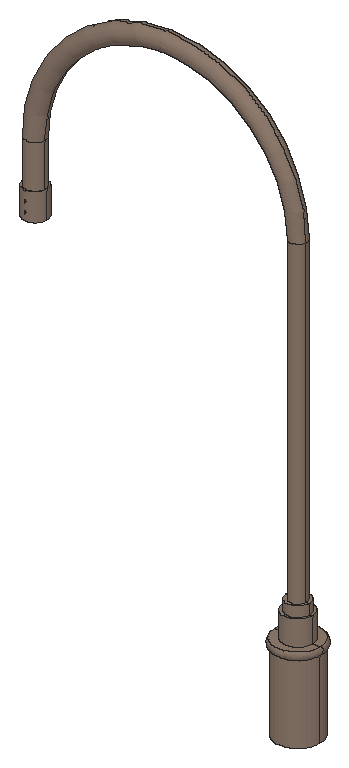
Revit family "PA161", category Generic Models, Revit 2014
Parameters
  POLE = Bronze, Architectural
  OUTLET = Bronze, Architectural
  CANDY CANE END = Bronze, Architectural
  CANDY CANE = Bronze, Architectural
  BASE = Bronze, Architectural
Reference planes (in)
  plane 1 "Center (Front/Back)": y = 0
  plane 2: z = 0
  plane 3 "Center (Left/Right)": x = 0
Forms (in)
  Revolve 1, solid, material "Bronze, Architectural" <- "BASE"
    sketch origin (0, 0, 3.5625) x (1, 0, 0) y (0, 0, 1)
      loop
        line (2.34966, 5.18777) -> (0, 5.18777) -> (0, -3.56387) -> (2.24794, -3.56387) -> (2.24794, 4.43777) -> (2.34966, 4.43777)
        arc (2.34966, 4.43777) -> (2.49849, 4.81277) -> (2.34966, 5.18777) r 0.54685
      axis (0, 5.18777) -> (0, -3.56387)
    angle from 0 to 360
  Revolve 2, solid, material "Bronze, Architectural" <- "BASE"
    sketch origin (0, 0, 3.5625) x (1, 0, 0) y (0, 0, 1)
      loop
        line (0, 8.68777) -> (0, 5.18777) -> (1.49794, 5.18777) -> (1.49794, 7.68777) -> (1.18544, 7.68777) -> (1.18544, 8.68777) -> (0, 8.68777)
      axis (0, 8.68777) -> (0, 5.18777)
    angle from 0 to 360
  Revolve 3, solid, material "Bronze, Architectural" <- "POLE"
    sketch origin (0, 0, 3.5625) x (1, 0, 0) y (0, 0, 1)
      loop
        line (0, 8.68777) -> (0, 41.18697) -> (-0.83206, 41.18697) -> (-0.83206, 8.68777) -> (0, 8.68777)
      axis (0, 41.18697) -> (0, 8.68777)
    angle from 0 to 360
  SweptBlend 4, solid, material "Bronze, Architectural" <- "CANDY CANE"
    path origin (0, 0, 3.5625) x (1, 0, 0) y (0, 0, 1)
      loop
        arc (0, 41.18697) -> (-13.25, 54.43697) -> (-26.5, 41.18697) r 13.25
    profile origin (0, 0, 44.74947) x (-1, 0, 0) y (0, -1, 0)
      loop
        circle (0, 0) r 0.83206
    end profile origin (-26.5, 0, 44.74947) x (0, -1, 0) y (1, 0, 0)
      loop
        circle (0, 0) r 1.01194
  Revolve 5, solid, material "Bronze, Architectural" <- "CANDY CANE END"
    sketch origin (0, 0, 3.5625) x (1, 0, 0) y (0, 0, 1)
      loop
        line (-26.5, 36.79871) -> (-26.5, 41.18697) -> (-27.51194, 41.18697) -> (-27.51194, 36.79871) -> (-26.5, 36.79871)
      axis (-26.5, 41.18697) -> (-26.5, 36.79871)
    angle from 0 to 360
  Revolve 6, solid, material "Bronze, Architectural" <- "OUTLET"
    sketch origin (0, 0, 3.5625) x (1, 0, 0) y (0, 0, 1)
      loop
        line (-26.5, 36.79871) -> (-27.70211, 36.79871) -> (-27.70211, 34.04871) -> (-26.5, 34.04871) -> (-26.5, 36.79871)
      axis (-26.5, 36.79871) -> (-26.5, 34.04871)
    angle from 0 to 360
  Revolve 7, void
    sketch origin (0, 0, 0) x (1, 0, 0) y (0, 0, 1)
      loop
        line (0, 8.36185) -> (-1.92174, 8.36185) -> (-1.92174, -0.00137) -> (0, -0.00137) -> (0, 8.36185)
      axis (0, 8.36185) -> (0, -0.00137)
    angle from 0 to 360
  Revolve 8, void
    sketch origin (0, 0, 0) x (1, 0, 0) y (0, 0, 1)
      loop
        line (-27.57711, 37.61121) -> (-26.5, 37.61121) -> (-26.5, 40.11121) -> (-27.57711, 40.11121) -> (-27.57711, 37.61121)
      axis (-26.5, 37.61121) -> (-26.5, 40.11121)
    angle from 0 to 360
  Extrusion 9, void
    sketch origin (0, 0, 0) x (1, 0, 0) y (0, 0, 1)
      loop
        circle (-26.5, 39.36121) r 0.125
      loop
        circle (-26.5, 38.36121) r 0.125
    from -1.26456 to 1.29083
Cuts and joins
  Revolve 7 cuts Revolve 1
  Revolve 8, Extrusion 9 cuts Revolve 6
Dimensions and locks (in)
  aligned and locked: plane 2 to level
